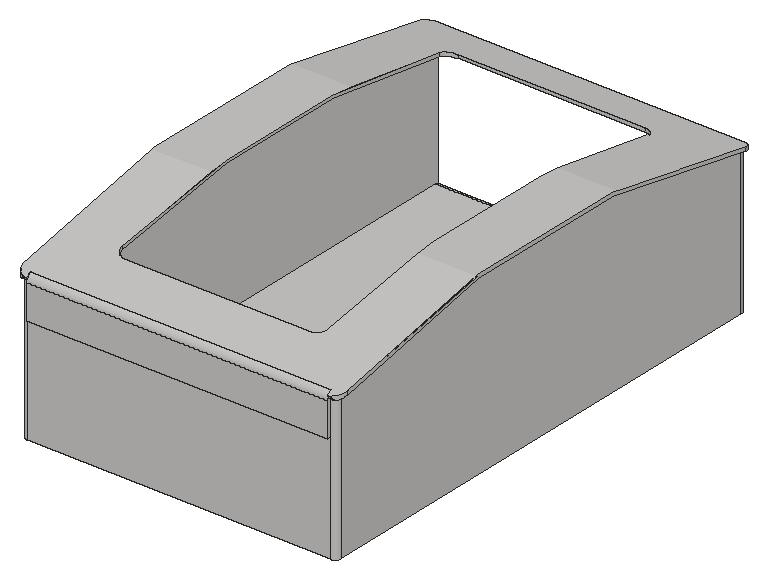
Revit family "PRD_FrankeWS_DspnsrsAndAccptncUnts_STRATOSHygieneBagDispenser_STRX615", category Specialty Equipment, host Face, Revit 2018
Family settings
  Host = Face
  Round Connector Dimension = Use Diameter
  Part Type = Normal
  OmniClass Number = 23.40.20.21
  OmniClass Title = Toilet and Bath Specialties
  Cut with Voids When Loaded = No
  Shared = No
  Room Calculation Point = No
Parameters (values of type "STRX615")
  WarrantyStartDate [instance] = "1900-12-31T23:59:59"
  WarrantyGuarantorParts = "n/a"
  WarrantyGuarantorLabor = "n/a"
  WarrantyDurationUnit = "year"
  WarrantyDurationParts = "n/a"
  WarrantyDurationLabor = "n/a"
  WarrantyDescription = "n/a"
  Version = "1"
  Uniclass2015Version = "Products v1.10"
  Uniclass2015Title = "Dispensers and acceptance units"
  Uniclass2015Code = "Pr_40_70_22"
  URL = "www.kwc.com"
  TypeOfOperation = "Manual operation"
  TypeOfMounting = "Wall mounting"
  TypeOfFixing = "Screw"
  TypeOfConsumable = "Hygiene bag"
  TagNumber [instance] = "n/a"
  SustainabilityPerformance = "n/a"
  SurfaceTreatment = "InoxPlus (anti fingerprint)"
  Style = "Hygiene bag dispenser"
  Size = "156 x 250 x 90 mm"
  Shape = "n/a"
  SerialNumber [instance] = "n/a"
  Revision = "n/a"
  ReplacementCost = "n/a"
  ProductInformation = "https://pim.kwc.com/product/2000100014/attachment/datasheet?locale=en"
  NominalWidth = 156.00 mm
  NominalHeight = 250.00 mm
  NominalDepth = 90.00 mm
  NetWeight = 1.44 kg
  Name = "Hygiene Bag Dispenser STRX615"
  NBSTypeID = "n/a"
  NBSReference = "n/a"
  NBSOfficeMasterTag = "n/a"
  NBSNote = "n/a"
  NBSDescription = "n/a"
  NBSCertification = "n/a"
  ModelReference = "STRX615"
  ModelNumber = "2000100014"
  Model = ModelReference  # "STRX615"
  MaterialThickness = "1.50 mm"
  MaterialCode = "1.4301"
  Material = "stainless steel"
  ManufacturerURL = "www.kwc.com"
  ManufacturerName = "KWC Group AG"  # constant formula
  Manufacturer = ManufacturerName  # "KWC Group AG"
  MainColor = "stainless steel"
  Lock = "No lock"
  IsBuiltIn = "TRUE"
  IntegralAccessories = "incl. stainless steel screws and dowels"
  InstallationDate [instance] = "1900-12-31T23:59:59"
  IfcExportType = "USERDEFINED"
  IfcExportAs = "IfcFurnitureType"
  GrossWeight = 1.67 kg
  Grade = "n/a"
  Finish = "satin finished"
  FillingQuantityUom = "Pieces"
  FillingQuantity = "100"
  Features = "stainless steel, surface satin finished"
  ExpectedLife = "n/a"
  DurationUnit = "year"
  DispenserMaterial = PRD_AR_StainlessSteel_SatinFinished
  Description = "Hygiene bag dispenser for wall mounting, stainless steel, surface satin finished, with InoxPlus surface refinement for the reduction of finger marks and better cleaning characteristics (easy to clean), material thickness 1.2/1.5 mm, with inspection window, includes stainless steel screws and dowels."
  Default Elevation = 900.00 mm
  CreatedOn = "11/2019"  # constant formula
  Constituents = "n/a"
  Color = "n/a"
  CodePerformance = "n/a"
  Category = "Pr_40_70_22, Dispensers and acceptance units"
  BarCode [instance] = "n/a"
  BIMObjectName = "PRD_AR_DispensersAndAcceptanceUnits_STRATOSHygieneBagDispenser_STRX615"
  Author = "Archispace"  # constant formula
  AssetType = "Fixed"
  AssetIdentifier [instance] = "n/a"
  AccessibilityPerformance = "n/a"
Reference planes
  plane 1 "Center (Front/Back)": y = 0
  plane 2: z = 0
  plane 3 "Center (Left/Right)": x = 0
Dimensions and locks
  aligned and locked: plane 2 to host face
  aligned and locked: level to host face
Nested families
  nested 1: "STRX615" at (0, 0, 0), type "STRX615"
Definition of nested family "STRX615"
  Parameters (values of type "FRK201069")
    Material = none
    Default Elevation = 1219.20 mm
  Reference planes
    plane 1 "Center (Front/Back)": y = 0
    plane 2: z = 0
    plane 3 "Center (Left/Right)": x = 0
  Forms (mm)
    Extrusion 1, solid
      sketch origin (0, 0, 0) x (1, 0, 0) y (0, 1, 0)
        loop
          line (-250, 310) -> (-250, -309.766) -> (229.163, -309.766) -> (229.163, 310) -> (-250, 310)
      from 0 to -60
    Extrusion 2, solid, material <- "Material", detail levels fine
      sketch origin (0, -0.2, 0) x (0, 1, 0) y (0, 0, 1)
        loop
          line (123.2, 0) -> (123.2, 70.061)
          arc (123.2, 70.061) -> (0.194, 88.5) -> (-122.8, 69.987) r 418.662
          line (-122.8, 69.987) -> (-122.8, 0) -> (123.2, 0)
      from -76 to 76
    Extrusion 3, solid, material <- "Material", detail levels fine
      sketch origin (0, -0.2, 0) x (0, 1, 0) y (0, 0, 1)
        loop
          line (124.821, 69.56) -> (125.267, 70.993)
          arc (125.267, 70.993) -> (0.545, 90) -> (-124.197, 71.125) r 420.162
          line (-124.197, 71.125) -> (-123.753, 69.692)
          arc (-123.753, 69.692) -> (0.544, 88.5) -> (124.821, 69.56) r 418.662
      from -78 to 78
    Extrusion 4, void
      sketch origin (0, -0.2, 0) x (1, 0, 0) y (0, 1, 0)
        loop
          line (-78, 125.267) -> (-78, 120.267)
          arc (-78, 120.267) -> (-76.536, 123.802) -> (-73, 125.267) r 5
          line (-73, 125.267) -> (-78, 125.267)
        loop
          line (78, 125.267) -> (73, 125.267)
          arc (73, 125.267) -> (76.536, 123.802) -> (78, 120.267) r 5
          line (78, 120.267) -> (78, 125.267)
        loop
          line (-78, -124.194) -> (-73, -124.194)
          arc (-73, -124.194) -> (-76.536, -122.73) -> (-78, -119.194) r 5
          line (-78, -119.194) -> (-78, -124.194)
        loop
          line (78, -124.194) -> (78, -119.194)
          arc (78, -119.194) -> (76.536, -122.73) -> (73, -124.194) r 5
          line (73, -124.194) -> (78, -124.194)
      from 62.505 to 87.95
    Extrusion 5, void
      sketch origin (0, -0.2, 0) x (1, 0, 0) y (0, 1, 0)
        loop
          line (-76, 123.2) -> (-76, 120.2)
          arc (-76, 120.2) -> (-75.121, 122.321) -> (-73, 123.2) r 3
          line (-73, 123.2) -> (-76, 123.2)
        loop
          line (76, 123.2) -> (73, 123.2)
          arc (73, 123.2) -> (75.121, 122.321) -> (76, 120.2) r 3
          line (76, 120.2) -> (76, 123.2)
        loop
          line (-76, -122.8) -> (-73, -122.8)
          arc (-73, -122.8) -> (-75.121, -121.921) -> (-76, -119.8) r 3
          line (-76, -119.8) -> (-76, -122.8)
        loop
          line (76, -122.8) -> (76, -119.8)
          arc (76, -119.8) -> (75.121, -121.921) -> (73, -122.8) r 3
          line (73, -122.8) -> (76, -122.8)
      from 0 to 250
    Extrusion 6, void
      sketch origin (0, 0, 0) x (0, 1, 0) y (0, 0, 1)
        loop
          arc (121.25, 3.5) -> (123, 1.75) -> (121.25, 0) r 1.75
          line (121.25, 0) -> (150.493, 0) -> (150.493, 93.5) -> (-119.507, 93.5) -> (-119.507, 3.5) -> (121.25, 3.5)
      from -72.5 to 72.5
    Extrusion 7, void
      sketch origin (0, 0, 0) x (1, 0, 0) y (0, 1, 0)
        loop
          arc (-50, -94.855) -> (-48.536, -98.391) -> (-45, -99.855) r 5
          line (-45, -99.855) -> (45, -99.855)
          arc (45, -99.855) -> (48.536, -98.391) -> (50, -94.855) r 5
          line (50, -94.855) -> (50, 95.592)
          arc (50, 95.592) -> (48.536, 99.128) -> (45, 100.592) r 5
          line (45, 100.592) -> (-45, 100.592)
          arc (-45, 100.592) -> (-48.536, 99.128) -> (-50, 95.592) r 5
          line (-50, 95.592) -> (-50, -94.855)
        loop
          line (-72.51, -121.642) -> (-72.51, -127.22) -> (72.51, -127.22) -> (72.51, -121.642) -> (-72.51, -121.642)
      from 64.863 to 112.476
    Extrusion 8, solid, material <- "Material", detail levels fine
      sketch origin (0, 0, 0) x (0, 1, 0) y (0, 0, 1)
        loop
          line (-122.678, 52.131) -> (-122.678, 68.55)
          arc (-122.678, 68.55) -> (-122.401, 69.611) -> (-121.642, 70.402) r 2.173
          line (-121.642, 70.402) -> (-121.642, 71.969)
          arc (-121.642, 71.969) -> (-123.475, 70.679) -> (-124.178, 68.55) r 3.573
          line (-124.178, 68.55) -> (-124.178, 52.131) -> (-122.678, 52.131)
      from -72.51 to 72.51
    Extrusion 9, solid, material <- "Material", detail levels medium
      sketch origin (0, -0.2, 0) x (0, 1, 0) y (0, 0, 1)
        loop
          line (123.2, 0) -> (123.2, 70.061)
          arc (123.2, 70.061) -> (0.194, 88.5) -> (-122.8, 69.987) r 418.662
          line (-122.8, 69.987) -> (-122.8, 0) -> (123.2, 0)
      from -76 to 76
    Extrusion 10, solid, material <- "Material", detail levels medium
      sketch origin (0, -0.2, 0) x (0, 1, 0) y (0, 0, 1)
        loop
          line (124.821, 69.56) -> (125.267, 70.993)
          arc (125.267, 70.993) -> (0.545, 90) -> (-124.197, 71.125) r 420.162
          line (-124.197, 71.125) -> (-123.753, 69.692)
          arc (-123.753, 69.692) -> (0.544, 88.5) -> (124.821, 69.56) r 418.662
      from -78 to 78
    Extrusion 11, solid, material <- "Material", detail levels coarse
      sketch origin (0, 0, 0) x (0, 1, 0) y (0, 0, 1)
        loop
          line (123, 0) -> (123, 90) -> (-123, 90) -> (-123, 0) -> (123, 0)
      from -76 to 76
  Cuts and joins
    Extrusion 4, Extrusion 7 cuts Extrusion 3
    joined: Extrusion 3, Extrusion 8
    Extrusion 5, Extrusion 6 cuts Extrusion 2
  Dimensions and locks
    aligned and locked: plane 2 to Extrusion 1
    aligned and locked: level to Extrusion 1
